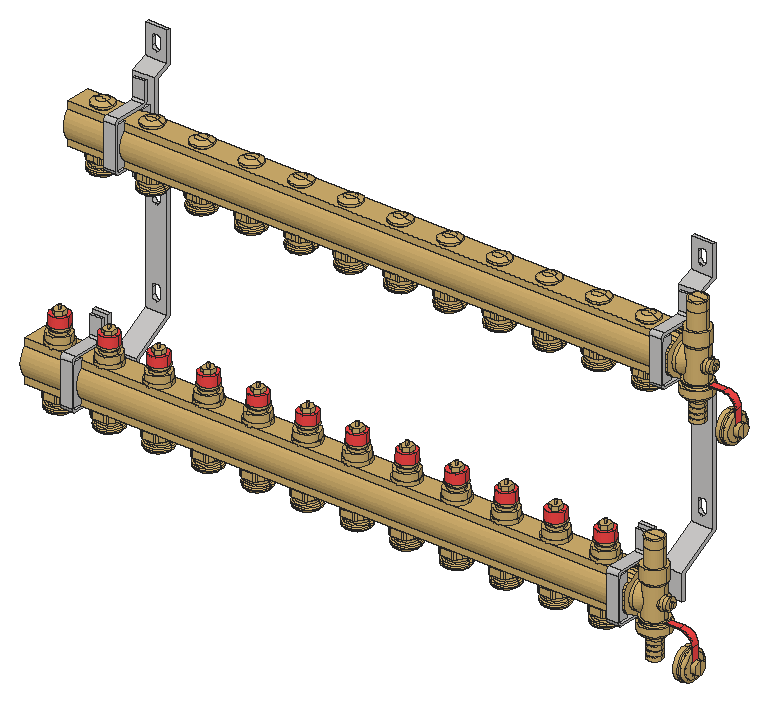
Revit family "Manifold FHF_2-12_RFA", category Pipe Accessories, Revit 2019
Family settings
  Round Connector Dimension = Use Diameter
  Part Type = Normal
  OmniClass Number = 23.65.55.14.17
  OmniClass Title = Adjusting/Controlling Valves for Liquid Services
  Work Plane-Based = No
  Always vertical = Yes
  Cut with Voids When Loaded = No
  Shared = No
Parameters (values of type "Manifold FHF_12+12_088U0512")
  z [instance] = Offset Z + 1000 mm  # 1213 mm
  y [instance] = Offset Y + 500 mm  # 523 mm
  x [instance] = Offset X + 1000 mm  # 1025 mm
  Offset Z [instance] = 213 mm
  Offset Y [instance] = 23 mm
  W [instance] = 36 mm  # constant formula
  Valve Body Material = Danfoss Brass
  URL = "https://store.danfoss.com/en/Climate-Solutions-for-heating/Hydronic-floor-heating/Manifolds/c/4213?q=%3Arelevance%3Adanfoss_producttypehierarchydesc%3A7f65507e43627847eb51ca38d15da15d785c2e15&text="
  Pressure Drop [instance] = 0.0 Pa
  Offset X [instance] = 25 mm
  Number of Circuits = 12
  Model Type = "Manifold FHF_12+12"
  Model = "088U0512"
  Max Working Temperature = "90 °C"  # constant formula
  Max Operating Pressure = "10 bar"  # constant formula
  Max Differential Pressure = "0.6 bar"  # constant formula
  Manufacturer = "Danfoss"  # constant formula
  Manual airvent [instance] = not(Automatic airvent)  # yes
  Length = L1 - 11 mm  # 600 mm
  LOD 350 = not(LOD 200)  # yes
  LOD 200 = no
  L1 = 611 mm
  L bracket = Number of Circuits * 50 mm - 50 mm  # 550 mm
  L = Length + 70 mm  # 670 mm
  IfcExportType = "FHF"  # constant formula
  IfcExportAs = "IfcValveType"  # constant formula
  H2 = 38 mm  # constant formula
  H1 = 26.8 mm  # constant formula
  H [instance] = z - 1000 mm + H2 + H1  # 277.8 mm
  Flow 9 [instance] = 0.0 m³/h
  Flow 8 [instance] = 0.0 m³/h
  Flow 7 [instance] = 0.0 m³/h
  Flow 6 [instance] = 0.0 m³/h
  Flow 5 [instance] = 0.0 m³/h
  Flow 4 [instance] = 0.0 m³/h
  Flow 3 [instance] = 0.0 m³/h
  Flow 2 [instance] = 0.0 m³/h
  Flow 12 [instance] = 0.0 m³/h
  Flow 11 [instance] = 0.0 m³/h
  Flow 10 [instance] = 0.0 m³/h
  Flow 1 [instance] = 0.0 m³/h
  Flow [instance] = Flow 1 + Flow 2 + Flow 3 + Flow 4 + Flow 5 + Flow 6 + Flow 7 + Flow 8 + Flow 9 + Flow 10 + Flow 11 + Flow 12  # 0.0 m³/h
  End piece [instance] = if(Automatic airvent, [088U0785], [088U0786])  # _FHF-EA_EM : FHF-EM_088U0786
  Description = "Brass Manifold"  # constant formula
  D = 25 mm  # constant formula
  Automatic airvent [instance] = no
  Add bracket [instance] = yes
  088U0785 = _FHF-EA_EM : FHF-EA_088U0785
  088U0786 = _FHF-EA_EM : FHF-EM_088U0786
Reference planes
  plane 1 "Center (Front/Back)": y = 0
  plane 2: z = 0
  plane 3 "Center (Left/Right)": x = 0
  plane 4 "tube2": through (-27.999, -48.497, 1200) normal (0.9272, -0.3746, 0)
  plane 5: x = 600
  plane 6: z = -213
  plane 7: x = -25
  plane 8: x = 611
  plane 9: x = 25
  plane 10 "bottom manifold": y = -23
  plane 11: x = 575
  plane 12: x = 586
  plane 13: x = 0
  plane 14: x = 670.5
  plane 15 "H1": z = 26.8
  plane 16: z = -251
  plane 17: x = 670
  plane 18: z = -251
  plane 19: y = -18
  plane 20: y = 18
  plane 21: z = -268
  plane 22: x = 1000
  plane 23: z = 1000
  plane 24: y = 500
Forms (mm)
  Sweep 1, solid, material "Danfoss Brass" <- "Valve Body Material", visible <- "LOD 350", detail levels fine
    path origin (0, 0, 0) x (1, 0, 0) y (0, 0, 1)
      loop
        line (0, 0) -> (600, 0)
    profile origin (300, 0, 0) x (0, 0, 1) y (0, -1, 0)
      loop
        arc (-13.388, -12.476) -> (0, -18.3) -> (13.388, -12.476) r 18.3
        line (13.388, -12.476) -> (20.5, -12.476) -> (20.5, 12.476) -> (13.388, 12.476)
        arc (13.388, 12.476) -> (0, 18.3) -> (-13.388, 12.476) r 18.3
        line (-13.388, 12.476) -> (-20.5, 12.476) -> (-20.5, -12.476) -> (-13.388, -12.476)
  Sweep 2, solid, material "Danfoss Brass" <- "Valve Body Material", visible <- "LOD 350", detail levels fine
    path origin (-50, -23, 0) x (0, 0, 1) y (-1, 0, 0)
      loop
        line (-213, -25) -> (-213, -625)
    profile origin (275, -23, -213) x (0, 0, 1) y (0, -1, 0)
      loop
        arc (-13.388, -12.476) -> (0, -18.3) -> (13.388, -12.476) r 18.3
        line (13.388, -12.476) -> (20.5, -12.476) -> (20.5, 12.476) -> (13.388, 12.476)
        arc (13.388, 12.476) -> (0, 18.3) -> (-13.388, 12.476) r 18.3
        line (-13.388, 12.476) -> (-20.5, 12.476) -> (-20.5, -12.476) -> (-13.388, -12.476)
  Sweep 3, solid, material "Danfoss Brass" <- "Valve Body Material", visible <- "LOD 200", detail levels fine
    path origin (0, 0, 0) x (1, 0, 0) y (0, 0, 1)
      loop
        line (0, 0) -> (600, 0)
    profile origin (300, 0, 0) x (0, 0, 1) y (0, -1, 0)
      loop
        line (-20.5, -18.3) -> (20.5, -18.3) -> (20.5, 18.3) -> (-20.5, 18.3) -> (-20.5, -18.3)
  Sweep 4, solid, material "Danfoss Brass" <- "Valve Body Material", visible <- "LOD 200", detail levels fine
    path origin (-50, -23, 0) x (0, 0, 1) y (-1, 0, 0)
      loop
        line (-213, -25) -> (-213, -625)
    profile origin (275, -23, -213) x (0, 0, 1) y (0, -1, 0)
      loop
        line (-20.5, -18.3) -> (20.5, -18.3) -> (20.5, 18.3) -> (-20.5, 18.3) -> (-20.5, -18.3)
Dimensions and locks
  "L1": plane 8 to plane 3 "Center (Left/Right)"
  locked: plane 8 to plane 5 at 11
  locked: plane 9 to plane 3 "Center (Left/Right)" at 25
  equal spacing: group 1, group 2, group 5, group 7, group 8, group 11, group 12, group 13, group 14, group 15, group 16, group 23  (x3)
  locked: plane 12 to plane 11 at 11
  "L1": plane 12 to plane 7
  locked: plane 13 to plane 7 at 25
  locked: plane 14 to plane 5 at 70.5
  "H1": plane 15 "H1" to level
  "H2": plane 6 to plane 16
  "L": plane 17 to plane 3 "Center (Left/Right)"
  equal spacing: plane 19, plane 1 "Center (Front/Back)", plane 20
  "W": plane 19 to plane 20
  equal spacing: group 3, group 4, group 6, group 9, group 10, group 17, group 18, group 19, group 20, group 21, group 22, group 24  (x3)
  locked: nested 6 to nested 3 at 50
  locked: plane 5 to nested 5 at 10
  locked: plane 11 to nested 4 at 10
  "x": plane 22 to plane 7
  "z": plane 23 to plane 6
  "y": plane 10 "bottom manifold" to plane 24
  aligned and locked: level to plane 2
  aligned and locked: plane 9 to nested 1
  aligned and locked: level to nested 1
  aligned and locked: plane 5 to Sweep 1 sketch curve
  aligned and locked: Sweep 1 sketch curve to level
  aligned and locked: plane 3 "Center (Left/Right)" to Sweep 1 sketch curve
  aligned and locked: level to nested 2
  aligned and locked: plane 10 "bottom manifold" to nested 3
  aligned and locked: plane 10 "bottom manifold" to nested 4
  aligned and locked: plane 1 "Center (Front/Back)" to nested 5
  aligned and locked: plane 6 to nested 4
  aligned and locked: level to nested 5
  aligned and locked: plane 6 to nested 3
  aligned and locked: plane 13 to nested 3
  aligned and locked: plane 6 to nested 6
  aligned and locked: plane 10 "bottom manifold" to nested 6
Automatic sketch dimensions
  Sweep 1 sketch curve to Sweep 1 sketch curve = 0 mm  (x2)
  Sweep 1 sketch curve to profile plane = 0 mm
  profile plane to Sweep 1 sketch curve = 13.388 mm  (x2)
  Sweep 1 sketch curve to Sweep 1 sketch curve = 7.112 mm  (x2)
  Sweep 1 sketch curve to profile plane = 13.388 mm  (x2)
  Sweep 1 sketch curve to profile plane = 12.476 mm
  Sweep 1 sketch curve to Sweep 1 sketch curve = 12.476 mm  (x2)
  Sweep 2 sketch curve to plane 6 = 0 mm
  Sweep 2 sketch curve to plane 11 = 0 mm
  Sweep 2 sketch curve to plane 7 = 0 mm
  Sweep 2 sketch curve to Sweep 2 sketch curve = 0 mm  (x2)
  plane 10 "bottom manifold" to Sweep 2 sketch curve = 12.476 mm
  profile plane to Sweep 2 sketch curve = 20.5 mm
  Sweep 2 sketch curve to Sweep 2 sketch curve = 7.112 mm  (x3)
  Sweep 2 sketch curve to Sweep 2 sketch curve = 13.388 mm  (x3)
  Sweep 2 sketch curve to Sweep 2 sketch curve = 12.476 mm  (x2)
  Sweep 3 sketch curve to level = 0 mm
  Sweep 3 sketch curve to plane 3 "Center (Left/Right)" = 0 mm
  Sweep 3 sketch curve to plane 5 = 0 mm
  profile plane to Sweep 3 sketch curve = 20.5 mm
  Sweep 3 sketch curve to profile plane = 20.5 mm
  Sweep 3 sketch curve to plane 1 "Center (Front/Back)" = 18.3 mm
  plane 1 "Center (Front/Back)" to Sweep 3 sketch curve = 18.3 mm
  Sweep 4 sketch curve to plane 6 = 0 mm
  Sweep 4 sketch curve to plane 11 = 0 mm
  Sweep 4 sketch curve to plane 7 = 0 mm
  profile plane to Sweep 4 sketch curve = 20.5 mm
  Sweep 4 sketch curve to profile plane = 20.5 mm
  Sweep 4 sketch curve to plane 10 "bottom manifold" = 18.3 mm
  plane 10 "bottom manifold" to Sweep 4 sketch curve = 18.3 mm
Nested families
  nested 1: "Shut-off valve_RFA" at (25, 0, 0), LOD 200 <- "LOD 200", type "Shut-off valve", detail levels fine
    with LOD 350 yes, LOD 200 no
  nested 2: "Shut-off valve_RFA" at (75, 0, 0), LOD 200 <- "LOD 200", type "Shut-off valve", detail levels fine
    with LOD 350 yes, LOD 200 no
  nested 3: "Thermostatic valve_RFA" at (0, -23, -213), LOD 200 <- "LOD 200", type "Thermostatic valve", detail levels fine
    with LOD 350 yes, LOD 200 no
  nested 4: "_FHF-EA_EM" at (565, -23, -213), type <- "End piece", LOD 200 <- "LOD 200", type "FHF-EM_088U0786", detail levels fine
    with LOD 350 yes, LOD 200 no, FHF-EM350 yes, FHF-EM200 no, FHF-EA350 no, FHF-EA200 no
  nested 5: "_FHF-EA_EM" at (590, 0, 0), type <- "End piece", LOD 200 <- "LOD 200", type "FHF-EM_088U0786", detail levels fine
    with LOD 350 yes, LOD 200 no, FHF-EM350 yes, FHF-EM200 no, FHF-EA350 no, FHF-EA200 no
  nested 6: "Thermostatic valve_RFA" at (50, -23, -213), LOD 200 <- "LOD 200", type "Thermostatic valve", detail levels fine
    with LOD 350 yes, LOD 200 no
  nested 7: "Shut-off valve_RFA" at (125, 0, 0), LOD 200 <- "LOD 200", type "Shut-off valve", detail levels fine
    with LOD 350 yes, LOD 200 no
  nested 8: "Thermostatic valve_RFA" at (100, -23, -213), LOD 200 <- "LOD 200", type "Thermostatic valve", detail levels fine
    with LOD 350 yes, LOD 200 no
  nested 9: "Shut-off valve_RFA" at (175, 0, 0), LOD 200 <- "LOD 200", type "Shut-off valve", detail levels fine
    with LOD 350 yes, LOD 200 no
  nested 10: "Shut-off valve_RFA" at (225, 0, 0), LOD 200 <- "LOD 200", type "Shut-off valve", detail levels fine
    with LOD 350 yes, LOD 200 no
  nested 11: "Thermostatic valve_RFA" at (150, -23, -213), LOD 200 <- "LOD 200", type "Thermostatic valve", detail levels fine
    with LOD 350 yes, LOD 200 no
  nested 12: "Thermostatic valve_RFA" at (200, -23, -213), LOD 200 <- "LOD 200", type "Thermostatic valve", detail levels fine
    with LOD 350 yes, LOD 200 no
  nested 13: "Shut-off valve_RFA" at (275, 0, 0), LOD 200 <- "LOD 200", type "Shut-off valve", detail levels fine
    with LOD 350 yes, LOD 200 no
  nested 14: "Shut-off valve_RFA" at (325, 0, 0), LOD 200 <- "LOD 200", type "Shut-off valve", detail levels fine
    with LOD 350 yes, LOD 200 no
  nested 15: "Shut-off valve_RFA" at (375, 0, 0), LOD 200 <- "LOD 200", type "Shut-off valve", detail levels fine
    with LOD 350 yes, LOD 200 no
  nested 16: "Shut-off valve_RFA" at (425, 0, 0), LOD 200 <- "LOD 200", type "Shut-off valve", detail levels fine
    with LOD 350 yes, LOD 200 no
  nested 17: "Shut-off valve_RFA" at (475, 0, 0), LOD 200 <- "LOD 200", type "Shut-off valve", detail levels fine
    with LOD 350 yes, LOD 200 no
  nested 18: "Shut-off valve_RFA" at (525, 0, 0), LOD 200 <- "LOD 200", type "Shut-off valve", detail levels fine
    with LOD 350 yes, LOD 200 no
  nested 19: "Thermostatic valve_RFA" at (250, -23, -213), LOD 200 <- "LOD 200", type "Thermostatic valve", detail levels fine
    with LOD 350 yes, LOD 200 no
  nested 20: "Thermostatic valve_RFA" at (300, -23, -213), LOD 200 <- "LOD 200", type "Thermostatic valve", detail levels fine
    with LOD 350 yes, LOD 200 no
  nested 21: "Thermostatic valve_RFA" at (350, -23, -213), LOD 200 <- "LOD 200", type "Thermostatic valve", detail levels fine
    with LOD 350 yes, LOD 200 no
  nested 22: "Thermostatic valve_RFA" at (400, -23, -213), LOD 200 <- "LOD 200", type "Thermostatic valve", detail levels fine
    with LOD 350 yes, LOD 200 no
  nested 23: "Thermostatic valve_RFA" at (450, -23, -213), LOD 200 <- "LOD 200", type "Thermostatic valve", detail levels fine
    with LOD 350 yes, LOD 200 no
  nested 24: "Thermostatic valve_RFA" at (500, -23, -213), LOD 200 <- "LOD 200", type "Thermostatic valve", detail levels fine
    with LOD 350 yes, LOD 200 no
  nested 25: "_FHF-MB_RFA" at (41.303, 0, 0), LOD 200 <- "LOD 200", visible <- "Add bracket", L <- "L bracket", type "FHF-MB_088U0585", detail levels fine
    with LOD 350 yes, LOD 200 no, L 550 mm
  nested 26: "Shut-off valve_RFA" at (575, 0, 0), LOD 200 <- "LOD 200", type "Shut-off valve", detail levels fine
    with LOD 350 yes, LOD 200 no
  nested 27: "Thermostatic valve_RFA" at (550, -23, -213), LOD 200 <- "LOD 200", type "Thermostatic valve", detail levels fine
    with LOD 350 yes, LOD 200 no
  nested 28: "FHF Symbol" at (0, 0, 0), Number of Circuits <- "Number of Circuits", Offset X <- "Offset X", Offset Y <- "Offset Y", Offset Z <- "Offset Z", length <- "Length", type "FHF Symbol", detail levels coarse+medium
    with z 1213 mm, y 523 mm, x 1025 mm, length 600 mm, Offset Z 213 mm, Offset Y 23 mm, Offset X 25 mm, Number of Circuits 12, L 650 mm
Connectors
  piping at (0, 0, 0), diameter 25, driven by "D", driven by "Flow"
    settings: on Sweep 1, index 35, connector inside diameter 609.6 mm, connector length 0 mm, flow factor 0, pipe flow 0.0 m³/h, pressure drop 0.0 Pa, fitting loss kfactor 0, connector angle 0.00°, fixture units 0, engagement length 0 mm, angle of deflection 0.00°, flow configuration 1, flow direction 1, fitting loss method 0, system type 7, joint type 0, gender type 0, connector reference index -1, connector utility 0, adjustable connector no, is connector primary yes, connector description "SupplyMain"
  piping at (-25, -23, -213), diameter 25, driven by "D", driven by "Flow"
    settings: on Sweep 2, index 59, connector inside diameter 609.6 mm, connector length 0 mm, flow factor 0, pipe flow 0.0 m³/h, pressure drop 0.0 Pa, fitting loss kfactor 0, connector angle 0.00°, fixture units 0, engagement length 0 mm, angle of deflection 0.00°, flow configuration 1, flow direction 2, fitting loss method 0, system type 8, joint type 0, gender type 0, connector reference index -1, connector utility 0, adjustable connector no, is connector primary no, connector description "ReturnMain"
  piping at (25, 0, -38), diameter 20, driven by "Flow 1"
    settings: on nested 1, index 60, connector inside diameter 609.6 mm, connector length 0 mm, flow factor 0, pipe flow 0.0 m³/h, pressure drop 0.0 Pa, fitting loss kfactor 0, connector angle 0.00°, fixture units 0, engagement length 0 mm, angle of deflection 0.00°, flow configuration 0, flow direction 2, fitting loss method 0, system type 7, joint type 0, gender type 0, connector reference index -1, connector utility 0, adjustable connector no, is connector primary no, connector description "Supply1"
  piping at (75, 0, -38), diameter 20, driven by "Flow 2"
    settings: on nested 2, index 61, connector inside diameter 609.6 mm, connector length 0 mm, flow factor 0, pipe flow 0.0 m³/h, pressure drop 0.0 Pa, fitting loss kfactor 0, connector angle 0.00°, fixture units 0, engagement length 0 mm, angle of deflection 0.00°, flow configuration 0, flow direction 2, fitting loss method 0, system type 7, joint type 0, gender type 0, connector reference index -1, connector utility 0, adjustable connector no, is connector primary no, connector description "Supply2"
  piping at (125, 0, -38), diameter 20, driven by "Flow 3"
    settings: on nested 7, index 62, connector inside diameter 609.6 mm, connector length 0 mm, flow factor 0, pipe flow 0.0 m³/h, pressure drop 0.0 Pa, fitting loss kfactor 0, connector angle 0.00°, fixture units 0, engagement length 0 mm, angle of deflection 0.00°, flow configuration 0, flow direction 2, fitting loss method 0, system type 7, joint type 0, gender type 0, connector reference index -1, connector utility 0, adjustable connector no, is connector primary no, connector description "Supply3"
  piping at (175, 0, -38), diameter 20, driven by "Flow 4"
    settings: on nested 9, index 63, connector inside diameter 609.6 mm, connector length 0 mm, flow factor 0, pipe flow 0.0 m³/h, pressure drop 0.0 Pa, fitting loss kfactor 0, connector angle 0.00°, fixture units 0, engagement length 0 mm, angle of deflection 0.00°, flow configuration 0, flow direction 2, fitting loss method 0, system type 7, joint type 0, gender type 0, connector reference index -1, connector utility 0, adjustable connector no, is connector primary no, connector description "Supply4"
  piping at (225, 0, -38), diameter 20, driven by "Flow 5"
    settings: on nested 10, index 64, connector inside diameter 609.6 mm, connector length 0 mm, flow factor 0, pipe flow 0.0 m³/h, pressure drop 0.0 Pa, fitting loss kfactor 0, connector angle 0.00°, fixture units 0, engagement length 0 mm, angle of deflection 0.00°, flow configuration 0, flow direction 2, fitting loss method 0, system type 7, joint type 0, gender type 0, connector reference index -1, connector utility 0, adjustable connector no, is connector primary no, connector description "Supply5"
  piping at (275, 0, -38), diameter 20, driven by "Flow 6"
    settings: on nested 13, index 65, connector inside diameter 609.6 mm, connector length 0 mm, flow factor 0, pipe flow 0.0 m³/h, pressure drop 0.0 Pa, fitting loss kfactor 0, connector angle 0.00°, fixture units 0, engagement length 0 mm, angle of deflection 0.00°, flow configuration 0, flow direction 2, fitting loss method 0, system type 7, joint type 0, gender type 0, connector reference index -1, connector utility 0, adjustable connector no, is connector primary no, connector description "Supply6"
  piping at (325, 0, -38), diameter 20, driven by "Flow 7"
    settings: on nested 14, index 66, connector inside diameter 609.6 mm, connector length 0 mm, flow factor 0, pipe flow 0.0 m³/h, pressure drop 0.0 Pa, fitting loss kfactor 0, connector angle 0.00°, fixture units 0, engagement length 0 mm, angle of deflection 0.00°, flow configuration 0, flow direction 2, fitting loss method 0, system type 7, joint type 0, gender type 0, connector reference index -1, connector utility 0, adjustable connector no, is connector primary no, connector description "Supply7"
  piping at (375, 0, -38), diameter 20, driven by "Flow 8"
    settings: on nested 15, index 67, connector inside diameter 609.6 mm, connector length 0 mm, flow factor 0, pipe flow 0.0 m³/h, pressure drop 0.0 Pa, fitting loss kfactor 0, connector angle 0.00°, fixture units 0, engagement length 0 mm, angle of deflection 0.00°, flow configuration 0, flow direction 2, fitting loss method 0, system type 7, joint type 0, gender type 0, connector reference index -1, connector utility 0, adjustable connector no, is connector primary no, connector description "Supply8"
  piping at (425, 0, -38), diameter 20, driven by "Flow 9"
    settings: on nested 16, index 69, connector inside diameter 609.6 mm, connector length 0 mm, flow factor 0, pipe flow 0.0 m³/h, pressure drop 0.0 Pa, fitting loss kfactor 0, connector angle 0.00°, fixture units 0, engagement length 0 mm, angle of deflection 0.00°, flow configuration 0, flow direction 2, fitting loss method 0, system type 7, joint type 0, gender type 0, connector reference index -1, connector utility 0, adjustable connector no, is connector primary no, connector description "Supply9"
  piping at (475, 0, -38), diameter 20, driven by "Flow 10"
    settings: on nested 17, index 70, connector inside diameter 609.6 mm, connector length 0 mm, flow factor 0, pipe flow 0.0 m³/h, pressure drop 0.0 Pa, fitting loss kfactor 0, connector angle 0.00°, fixture units 0, engagement length 0 mm, angle of deflection 0.00°, flow configuration 0, flow direction 2, fitting loss method 0, system type 7, joint type 0, gender type 0, connector reference index -1, connector utility 0, adjustable connector no, is connector primary no, connector description "Supply10"
  piping at (525, 0, -38), diameter 20, driven by "Flow 11"
    settings: on nested 18, index 71, connector inside diameter 609.6 mm, connector length 0 mm, flow factor 0, pipe flow 0.0 m³/h, pressure drop 0.0 Pa, fitting loss kfactor 0, connector angle 0.00°, fixture units 0, engagement length 0 mm, angle of deflection 0.00°, flow configuration 0, flow direction 2, fitting loss method 0, system type 7, joint type 0, gender type 0, connector reference index -1, connector utility 0, adjustable connector no, is connector primary no, connector description "Supply11"
  piping at (0, -23, -251.5), diameter 20, driven by "Flow 1"
    settings: on nested 3, index 73, connector inside diameter 609.6 mm, connector length 0 mm, flow factor 0, pipe flow 0.0 m³/h, pressure drop 0.0 Pa, fitting loss kfactor 0, connector angle 0.00°, fixture units 0, engagement length 0 mm, angle of deflection 0.00°, flow configuration 0, flow direction 1, fitting loss method 0, system type 8, joint type 0, gender type 0, connector reference index -1, connector utility 0, adjustable connector no, is connector primary no, connector description "Return1"
  piping at (50, -23, -251.5), diameter 20, driven by "Flow 2"
    settings: on nested 6, index 74, connector inside diameter 609.6 mm, connector length 0 mm, flow factor 0, pipe flow 0.0 m³/h, pressure drop 0.0 Pa, fitting loss kfactor 0, connector angle 0.00°, fixture units 0, engagement length 0 mm, angle of deflection 0.00°, flow configuration 0, flow direction 1, fitting loss method 0, system type 8, joint type 0, gender type 0, connector reference index -1, connector utility 0, adjustable connector no, is connector primary no, connector description "Return2"
  piping at (100, -23, -251.5), diameter 20, driven by "Flow 3"
    settings: on nested 8, index 75, connector inside diameter 609.6 mm, connector length 0 mm, flow factor 0, pipe flow 0.0 m³/h, pressure drop 0.0 Pa, fitting loss kfactor 0, connector angle 0.00°, fixture units 0, engagement length 0 mm, angle of deflection 0.00°, flow configuration 0, flow direction 1, fitting loss method 0, system type 8, joint type 0, gender type 0, connector reference index -1, connector utility 0, adjustable connector no, is connector primary no, connector description "Return3"
  piping at (150, -23, -251.5), diameter 20, driven by "Flow 4"
    settings: on nested 11, index 76, connector inside diameter 609.6 mm, connector length 0 mm, flow factor 0, pipe flow 0.0 m³/h, pressure drop 0.0 Pa, fitting loss kfactor 0, connector angle 0.00°, fixture units 0, engagement length 0 mm, angle of deflection 0.00°, flow configuration 0, flow direction 1, fitting loss method 0, system type 8, joint type 0, gender type 0, connector reference index -1, connector utility 0, adjustable connector no, is connector primary no, connector description "Return4"
  piping at (200, -23, -251.5), diameter 20, driven by "Flow 5"
    settings: on nested 12, index 77, connector inside diameter 609.6 mm, connector length 0 mm, flow factor 0, pipe flow 0.0 m³/h, pressure drop 0.0 Pa, fitting loss kfactor 0, connector angle 0.00°, fixture units 0, engagement length 0 mm, angle of deflection 0.00°, flow configuration 0, flow direction 1, fitting loss method 0, system type 8, joint type 0, gender type 0, connector reference index -1, connector utility 0, adjustable connector no, is connector primary no, connector description "Return5"
  piping at (250, -23, -251.5), diameter 20, driven by "Flow 6"
    settings: on nested 19, index 78, connector inside diameter 609.6 mm, connector length 0 mm, flow factor 0, pipe flow 0.0 m³/h, pressure drop 0.0 Pa, fitting loss kfactor 0, connector angle 0.00°, fixture units 0, engagement length 0 mm, angle of deflection 0.00°, flow configuration 0, flow direction 1, fitting loss method 0, system type 8, joint type 0, gender type 0, connector reference index -1, connector utility 0, adjustable connector no, is connector primary no, connector description "Return6"
  piping at (300, -23, -251.5), diameter 20, driven by "Flow 7"
    settings: on nested 20, index 79, connector inside diameter 609.6 mm, connector length 0 mm, flow factor 0, pipe flow 0.0 m³/h, pressure drop 0.0 Pa, fitting loss kfactor 0, connector angle 0.00°, fixture units 0, engagement length 0 mm, angle of deflection 0.00°, flow configuration 0, flow direction 1, fitting loss method 0, system type 8, joint type 0, gender type 0, connector reference index -1, connector utility 0, adjustable connector no, is connector primary no, connector description "Return7"
  piping at (350, -23, -251.5), diameter 20, driven by "Flow 8"
    settings: on nested 21, index 80, connector inside diameter 609.6 mm, connector length 0 mm, flow factor 0, pipe flow 0.0 m³/h, pressure drop 0.0 Pa, fitting loss kfactor 0, connector angle 0.00°, fixture units 0, engagement length 0 mm, angle of deflection 0.00°, flow configuration 0, flow direction 1, fitting loss method 0, system type 8, joint type 0, gender type 0, connector reference index -1, connector utility 0, adjustable connector no, is connector primary no, connector description "Return8"
  piping at (400, -23, -251.5), diameter 20, driven by "Flow 9"
    settings: on nested 22, index 81, connector inside diameter 609.6 mm, connector length 0 mm, flow factor 0, pipe flow 0.0 m³/h, pressure drop 0.0 Pa, fitting loss kfactor 0, connector angle 0.00°, fixture units 0, engagement length 0 mm, angle of deflection 0.00°, flow configuration 0, flow direction 1, fitting loss method 0, system type 8, joint type 0, gender type 0, connector reference index -1, connector utility 0, adjustable connector no, is connector primary no, connector description "Return9"
  piping at (450, -23, -251.5), diameter 20, driven by "Flow 10"
    settings: on nested 23, index 82, connector inside diameter 609.6 mm, connector length 0 mm, flow factor 0, pipe flow 0.0 m³/h, pressure drop 0.0 Pa, fitting loss kfactor 0, connector angle 0.00°, fixture units 0, engagement length 0 mm, angle of deflection 0.00°, flow configuration 0, flow direction 1, fitting loss method 0, system type 8, joint type 0, gender type 0, connector reference index -1, connector utility 0, adjustable connector no, is connector primary no, connector description "Return10"
  piping at (500, -23, -251.5), diameter 20, driven by "Flow 11"
    settings: on nested 24, index 83, connector inside diameter 609.6 mm, connector length 0 mm, flow factor 0, pipe flow 0.0 m³/h, pressure drop 0.0 Pa, fitting loss kfactor 0, connector angle 0.00°, fixture units 0, engagement length 0 mm, angle of deflection 0.00°, flow configuration 0, flow direction 1, fitting loss method 0, system type 8, joint type 0, gender type 0, connector reference index -1, connector utility 0, adjustable connector no, is connector primary no, connector description "Return11"
  piping at (575, 0, -38), diameter 20, driven by "Flow 12"
    settings: on nested 26, index 84, connector inside diameter 609.6 mm, connector length 0 mm, flow factor 0, pipe flow 0.0 m³/h, pressure drop 0.0 Pa, fitting loss kfactor 0, connector angle 0.00°, fixture units 0, engagement length 0 mm, angle of deflection 0.00°, flow configuration 0, flow direction 2, fitting loss method 0, system type 7, joint type 0, gender type 0, connector reference index -1, connector utility 0, adjustable connector no, is connector primary no, connector description "Supply12"
  piping at (550, -23, -251.5), diameter 20, driven by "Flow 12"
    settings: on nested 27, index 85, connector inside diameter 609.6 mm, connector length 0 mm, flow factor 0, pipe flow 0.0 m³/h, pressure drop 0.0 Pa, fitting loss kfactor 0, connector angle 0.00°, fixture units 0, engagement length 0 mm, angle of deflection 0.00°, flow configuration 0, flow direction 1, fitting loss method 0, system type 7, joint type 0, gender type 0, connector reference index -1, connector utility 0, adjustable connector no, is connector primary no, connector description "Return12"
Definition of nested family "Shut-off valve_RFA"
  Parameters (values of type "Shut-off valve")
    W = 26 mm
    Valve Body Material = none
    LOD 350 [instance] = not(LOD 200)  # no
    LOD 200 [instance] = yes
    L = 28.004 mm
    IfcExportType = "SSM, FHF"  # constant formula
    IfcExportAs = "IfcValveType"  # constant formula
    H = 64.778 mm
  Reference planes
    plane 1 "Center (Front/Back)": y = 0
    plane 2: z = 0
    plane 3 "Center (Left/Right)": x = 0
    plane 4: z = 26.778
    plane 5: z = -38
    plane 6: x = -14.002
    plane 7: x = 14.002
    plane 8: y = -13
    plane 9: y = 13
  Forms (mm)
    Revolve 1, solid, material <- "Valve Body Material", visible <- "LOD 350"
      sketch origin (0, 0, 0) x (1, 0, 0) y (0, 0, 1)
        loop
          line (-5.493, 25.92) -> (-10.502, 23.407) -> (-10.502, 21.897) -> (-8.588, 21.201) -> (-8.588, 20.277) -> (-0.002, 20.277) -> (-0.002, 26.778) -> (-5.493, 25.92)
        axis (-0.002, 26.778) -> (-0.002, 20.277)
      angle from 0 to 360
    Revolve 2, solid, material <- "Valve Body Material", visible <- "LOD 350"
      sketch origin (0, 0, 0) x (1, 0, 0) y (0, 0, 1)
        loop
          line (-11.441, -26.439) -> (-11.002, -27.5) -> (-11.002, -30.852) -> (-11.844, -32.311) -> (-13.369, -33.169) -> (-11.682, -34.1) -> (-13.394, -34.965) -> (-11.771, -35.861) -> (-13.103, -36.619) -> (-11.722, -38) -> (0, -38) -> (0, -26) -> (-12.502, -26) -> (-11.441, -26.439)
        axis (0, -26) -> (0, -38)
      angle from 0 to 360
    Extrusion 3, solid, material <- "Valve Body Material", visible <- "LOD 350"
      sketch origin (0, 0, 0) x (1, 0, 0) y (0, 1, 0)
        loop
          line (-7.002, -12.124) -> (-5.249, -13) -> (-0.1, -13) -> (5.245, -13) -> (6.998, -12.124) -> (8.409, -11.192) -> (11.192, -8.409) -> (12.124, -6.998) -> (13, -5.245) -> (13, 0.1) -> (13, 5.249) -> (12.124, 7.002) -> (11.2, 8.401) -> (8.409, 11.192) -> (6.998, 12.124) -> (5.245, 13) -> (-0.1, 13) -> (-5.249, 13) -> (-7.002, 12.124) -> (-8.413, 11.192) -> (-11.192, 8.413) -> (-12.124, 7.002) -> (-13, 5.249) -> (-13, 0.1) -> (-13, -5.245) -> (-12.124, -6.998) -> (-11.184, -8.421) -> (-8.413, -11.192) -> (-7.002, -12.124)
      from -26 to -20
    Revolve 4, solid, material <- "Valve Body Material", visible <- "LOD 200"
      sketch origin (0, 0, 0) x (1, 0, 0) y (0, 0, 1)
        loop
          line (0, 26.778) -> (0, 20.277) -> (10.539, 20.277) -> (10.539, 23.448)
          arc (10.539, 23.448) -> (5.521, 25.909) -> (0, 26.778) r 18.698
        axis (0, 26.778) -> (0, 20.277)
      angle from 0 to 360
    Revolve 5, solid, material <- "Valve Body Material", visible <- "LOD 200"
      sketch origin (0, 0, 0) x (1, 0, 0) y (0, 0, 1)
        loop
          line (-0.1, -38) -> (-0.1, -20) -> (-13, -20) -> (-13, -38) -> (-0.1, -38)
        axis (-0.1, -20) -> (-0.1, -38)
      angle from 0 to 360
  Dimensions and locks
    "H": plane 4 to plane 5
    equal spacing: plane 7, plane 3 "Center (Left/Right)", plane 6
    "L": plane 7 to plane 6
    equal spacing: plane 8, plane 1 "Center (Front/Back)", plane 9
    "W": plane 8 to plane 9
    aligned and locked: level to plane 2
  Automatic sketch dimensions
    plane 4 to Revolve 1 sketch curve = 3.371 mm
    Revolve 1 sketch curve to plane 3 "Center (Left/Right)" = 10.502 mm
    Revolve 1 sketch curve to Revolve 1 sketch curve = 1.914 mm
    plane 4 to Revolve 1 sketch curve = 0.858 mm
    Revolve 1 sketch curve to plane 3 "Center (Left/Right)" = 5.493 mm
    plane 4 to Revolve 1 sketch curve = 0 mm
    Revolve 1 sketch curve to plane 3 "Center (Left/Right)" = 0.002 mm
    Revolve 1 sketch curve to Revolve 1 sketch curve = 1.509 mm
    Revolve 1 sketch curve to Revolve 1 sketch curve = 0.697 mm
    Revolve 1 sketch curve to Revolve 1 sketch curve = 6.501 mm
    Revolve 1 sketch curve to Revolve 1 sketch curve = 0 mm  (x3)
    Revolve 2 sketch curve to plane 5 = 0 mm  (x2)
    Revolve 2 sketch curve to plane 3 "Center (Left/Right)" = 0 mm  (x2)
    Revolve 2 sketch curve to plane 3 "Center (Left/Right)" = 11.002 mm
    Revolve 2 sketch curve to Revolve 2 sketch curve = 0.439 mm  (x2)
    Revolve 2 sketch curve to plane 5 = 3.9 mm
    Revolve 2 sketch curve to Revolve 2 sketch curve = 0.68 mm
    Revolve 2 sketch curve to Revolve 2 sketch curve = 0.04 mm
    Revolve 2 sketch curve to plane 5 = 2.139 mm
    Revolve 2 sketch curve to Revolve 2 sketch curve = 0.089 mm
    Revolve 2 sketch curve to plane 5 = 5.689 mm
    Revolve 2 sketch curve to Revolve 2 sketch curve = 0.842 mm
    Revolve 2 sketch curve to Revolve 2 sketch curve = 1.061 mm  (x2)
    Revolve 2 sketch curve to plane 5 = 1.381 mm
    Revolve 2 sketch curve to Revolve 2 sketch curve = 1.332 mm
    Revolve 2 sketch curve to plane 5 = 4.831 mm
    Revolve 2 sketch curve to Revolve 2 sketch curve = 1.525 mm
    Revolve 2 sketch curve to plane 5 = 3.035 mm
    Revolve 2 sketch curve to Revolve 2 sketch curve = 0.291 mm
    Revolve 2 sketch curve to Revolve 2 sketch curve = 1.459 mm
    Revolve 2 sketch curve to Revolve 2 sketch curve = 3.352 mm
    Revolve 2 sketch curve to Revolve 2 sketch curve = 0 mm
    plane 1 "Center (Front/Back)" to Extrusion 3 sketch curve = 5.245 mm  (x2)
    Extrusion 3 sketch curve to plane 3 "Center (Left/Right)" = 13 mm
    Extrusion 3 sketch curve to Extrusion 3 sketch curve = 0.876 mm  (x5)
    Extrusion 3 sketch curve to Extrusion 3 sketch curve = 0.933 mm  (x6)
    Extrusion 3 sketch curve to Extrusion 3 sketch curve = 0.941 mm
    Extrusion 3 sketch curve to Extrusion 3 sketch curve = 2.779 mm  (x2)
    Extrusion 3 sketch curve to Extrusion 3 sketch curve = 2.771 mm  (x2)
    Extrusion 3 sketch curve to Extrusion 3 sketch curve = 1.411 mm  (x6)
    Extrusion 3 sketch curve to Extrusion 3 sketch curve = 1.753 mm  (x8)
    Extrusion 3 sketch curve to plane 3 "Center (Left/Right)" = 0.1 mm  (x2)
    plane 3 "Center (Left/Right)" to Extrusion 3 sketch curve = 5.245 mm  (x2)
    Extrusion 3 sketch curve to Extrusion 3 sketch curve = 2.783 mm  (x2)
    Extrusion 3 sketch curve to Extrusion 3 sketch curve = 2.791 mm  (x2)
    Extrusion 3 sketch curve to Extrusion 3 sketch curve = 0.925 mm
    Extrusion 3 sketch curve to plane 1 "Center (Front/Back)" = 0.1 mm  (x2)
    Extrusion 3 sketch curve to Extrusion 3 sketch curve = 1.423 mm
    Extrusion 3 sketch curve to Extrusion 3 sketch curve = 5.149 mm  (x2)
    Extrusion 3 sketch curve to Extrusion 3 sketch curve = 1.399 mm
    Revolve 4 sketch curve to plane 3 "Center (Left/Right)" = 0 mm  (x2)
    Revolve 4 sketch curve to plane 4 = 0 mm  (x2)
    Revolve 4 sketch curve to plane 3 "Center (Left/Right)" = 0.112 mm
    Revolve 4 sketch curve to plane 7 = 3.463 mm
    plane 4 to Revolve 4 sketch curve = 6.501 mm
    level to Revolve 4 sketch curve = 8.08 mm
    Revolve 4 sketch curve to Revolve 4 sketch curve = 0 mm
    Revolve 5 sketch curve to plane 5 = 0 mm  (x2)
    plane 6 to Revolve 5 sketch curve = 1.002 mm
    Revolve 5 sketch curve to plane 3 "Center (Left/Right)" = 0.1 mm
    Revolve 5 sketch curve to plane 5 = 18 mm
    Revolve 5 sketch curve to Revolve 5 sketch curve = 0 mm  (x2)
Definition of nested family "Thermostatic valve_RFA"
  Parameters (values of type "Thermostatic valve")
    W = 26 mm
    Valve Body Material = none
    Manufacturer = "Danfoss"  # constant formula
    LOD 350 [instance] = not(LOD 200)  # yes
    LOD 200 [instance] = no
    L = 28.004 mm
    IfcExportType = "SSM, FHF"  # constant formula
    IfcExportAs = "IfcValveType"  # constant formula
    H = 93 mm
  Reference planes
    plane 1 "Center (Front/Back)": y = 0
    plane 2: z = 0
    plane 3 "Center (Left/Right)": x = 0
    plane 4: z = -38.5
    plane 5: x = -14.002
    plane 6: x = 14.002
    plane 7: y = -13
    plane 8: y = 13
    plane 9: z = 54.5
  Forms (mm)
    Revolve 1, solid, material <- "Valve Body Material", visible <- "LOD 350"
      sketch origin (0, 0, 0) x (1, 0, 0) y (0, 0, 1)
        loop
          line (0, 20.003) -> (0, 36.9) -> (-9.946, 36.9) -> (-9.946, 35.076) -> (-8.2, 33.33) -> (-8.2, 30.4) -> (-11.484, 30.4) -> (-11.484, 23.8) -> (-12.598, 23.8) -> (-12.598, 20.003) -> (0, 20.003)
        axis (0, 36.9) -> (0, 20.003)
      angle from 0 to 360
    Revolve 2, solid, material <- "Valve Body Material", visible <- "LOD 350"
      sketch origin (0, 0, 0) x (1, 0, 0) y (0, 0, 1)
        loop
          line (-11.002, -31.352) -> (-11.844, -32.811) -> (-13.369, -33.669) -> (-11.682, -34.6) -> (-13.394, -35.465) -> (-11.771, -36.361) -> (-13.103, -37.119) -> (-11.722, -38.5) -> (0, -38.5) -> (0, -27.5) -> (-12.504, -27.5)
          arc (-12.504, -27.5) -> (-11.442, -27.94) -> (-11.002, -29.002) r 1.502
          line (-11.002, -29.002) -> (-11.002, -31.352)
        axis (0, -27.5) -> (0, -38.5)
      angle from 0 to 360
    Extrusion 3, solid, material <- "Valve Body Material", visible <- "LOD 350"
      sketch origin (0, 0, 0) x (1, 0, 0) y (0, 1, 0)
        loop
          line (7.252, -12.557) -> (9.021, -11.378) -> (11.812, -6.545) -> (14.193, -2.42) -> (14.193, 2.42) -> (11.812, 6.545) -> (9.021, 11.378) -> (7.252, 12.557) -> (5.579, 13.385) -> (-5.579, 13.385) -> (-7.252, 12.557) -> (-9.021, 11.378) -> (-11.812, 6.545) -> (-14.193, 2.42) -> (-14.193, -2.42) -> (-11.812, -6.545) -> (-9.021, -11.378) -> (-7.252, -12.557) -> (-5.579, -13.385) -> (5.579, -13.385) -> (7.252, -12.557)
      from -27.5 to -20.5
    Revolve 4, solid, material <- "Valve Body Material", visible <- "LOD 200"
      sketch origin (0, 0, 0) x (1, 0, 0) y (0, 0, 1)
        loop
          line (0, 20.277) -> (12.78, 20.277) -> (12.78, 36.9) -> (0, 36.9) -> (0, 20.277)
        axis (0, 36.9) -> (0, 20.277)
      angle from 0 to 360
    Revolve 5, solid, material <- "Valve Body Material", visible <- "LOD 200"
      sketch origin (0, 0, 0) x (1, 0, 0) y (0, 0, 1)
        loop
          line (-0.1, -38.5) -> (-0.1, -20.5) -> (-13, -20.5) -> (-13, -38.5) -> (-0.1, -38.5)
        axis (-0.1, -20.5) -> (-0.1, -38.5)
      angle from 0 to 360
    Revolve 6, solid, material <- "Valve Body Material", visible <- "LOD 350"
      sketch origin (0, 0, 0) x (1, 0, 0) y (0, 0, 1)
        loop
          line (0, 50.7) -> (0, 54.302) -> (-1.003, 54.302) -> (-1.003, 50.7) -> (0, 50.7)
        axis (0, 54.302) -> (0, 50.7)
      angle from 0 to 360
    Extrusion 7, solid, material <- "Valve Body Material", visible <- "LOD 350"
      sketch origin (0, 0, 0) x (1, 0, 0) y (0, 1, 0)
        loop
          line (5.002, 2.887) -> (0.002, 5.774) -> (-4.998, 2.887) -> (-4.998, -2.887) -> (0.002, -5.774) -> (5.002, -2.887) -> (5.002, 2.887)
      from 46.7 to 50.7
    Revolve 8, solid, visible <- "LOD 200"
      sketch origin (0, 0, 0) x (1, 0, 0) y (0, 0, 1)
        loop
          line (0, 36.9) -> (8.896, 36.9) -> (8.896, 46.7) -> (0, 46.7) -> (0, 36.9)
        axis (0, 46.7) -> (0, 36.9)
      angle from 0 to 360
    Revolve 9, solid, material <- "Valve Body Material", visible <- "LOD 200"
      sketch origin (0, 0, 0) x (1, 0, 0) y (0, 0, 1)
        loop
          line (0, 54.3) -> (0, 46.7) -> (5, 46.7) -> (5, 54.3) -> (0, 54.3)
        axis (0, 46.7) -> (0, 54.3)
      angle from 0 to 360
    Revolve 10, solid, visible <- "LOD 350"
      sketch origin (0, 0, 0) x (1, 0, 0) y (0, 0, 1)
        loop
          line (0, 36.9) -> (9.285, 36.9) -> (9.217, 46.7) -> (0, 46.7) -> (0, 36.9)
        axis (0, 46.7) -> (0, 36.9)
      angle from 0 to 360
  Dimensions and locks
    equal spacing: plane 6, plane 3 "Center (Left/Right)", plane 5
    "L": plane 6 to plane 5
    equal spacing: plane 7, plane 1 "Center (Front/Back)", plane 8
    "W": plane 7 to plane 8
    "H": plane 9 to plane 4
    aligned and locked: level to plane 2
  Automatic sketch dimensions
    Revolve 5 sketch curve to plane 4 = 0 mm  (x2)
    plane 5 to Revolve 5 sketch curve = 1.002 mm
    Revolve 5 sketch curve to plane 3 "Center (Left/Right)" = 0.1 mm
    Revolve 5 sketch curve to plane 4 = 18 mm
    Revolve 5 sketch curve to Revolve 5 sketch curve = 0 mm  (x2)
    Revolve 2 sketch curve to plane 4 = 0 mm  (x2)
    Revolve 2 sketch curve to plane 3 "Center (Left/Right)" = 0 mm  (x2)
    plane 5 to Revolve 2 sketch curve = 3 mm
    plane 5 to Revolve 2 sketch curve = 2.32 mm
    plane 5 to Revolve 2 sketch curve = 2.28 mm
    Revolve 2 sketch curve to Revolve 2 sketch curve = 0.089 mm
    Revolve 2 sketch curve to Revolve 2 sketch curve = 0.842 mm
    plane 5 to Revolve 2 sketch curve = 1.498 mm
    plane 5 to Revolve 2 sketch curve = 0.899 mm
    plane 5 to Revolve 2 sketch curve = 0.633 mm
    plane 5 to Revolve 2 sketch curve = 0.608 mm
    Revolve 2 sketch curve to plane 4 = 1.381 mm
    Revolve 2 sketch curve to Revolve 2 sketch curve = 0.759 mm
    Revolve 2 sketch curve to Revolve 2 sketch curve = 1.654 mm
    Revolve 2 sketch curve to Revolve 2 sketch curve = 1.761 mm
    Revolve 2 sketch curve to Revolve 2 sketch curve = 1.796 mm
    Revolve 2 sketch curve to Revolve 2 sketch curve = 0.858 mm
    Revolve 2 sketch curve to Revolve 2 sketch curve = 1.459 mm
    Revolve 2 sketch curve to Revolve 2 sketch curve = 2.35 mm
    Revolve 2 sketch curve to Revolve 2 sketch curve = 11 mm
    Revolve 2 sketch curve to Revolve 2 sketch curve = 0 mm
    Extrusion 3 sketch curve to plane 5 = 0.191 mm
    Extrusion 3 sketch curve to plane 7 = 1.622 mm  (x2)
    plane 5 to Extrusion 3 sketch curve = 4.981 mm  (x2)
    plane 8 to Extrusion 3 sketch curve = 1.622 mm  (x2)
    Extrusion 3 sketch curve to plane 7 = 0.443 mm  (x2)
    Extrusion 3 sketch curve to Extrusion 3 sketch curve = 1.77 mm  (x4)
    plane 8 to Extrusion 3 sketch curve = 0.443 mm  (x2)
    Extrusion 3 sketch curve to plane 8 = 0.385 mm
    Extrusion 3 sketch curve to Extrusion 3 sketch curve = 1.673 mm  (x4)
    plane 7 to Extrusion 3 sketch curve = 0.385 mm
    plane 3 "Center (Left/Right)" to Extrusion 3 sketch curve = 5.579 mm  (x2)
    plane 1 "Center (Front/Back)" to Extrusion 3 sketch curve = 2.42 mm  (x2)
    Extrusion 3 sketch curve to plane 1 "Center (Front/Back)" = 2.42 mm  (x2)
    plane 5 to Extrusion 3 sketch curve = 2.19 mm  (x2)
    Extrusion 3 sketch curve to Extrusion 3 sketch curve = 0 mm  (x8)
    Extrusion 3 sketch curve to plane 6 = 2.19 mm  (x2)
    plane 6 to Extrusion 3 sketch curve = 0.191 mm
    Extrusion 3 sketch curve to Extrusion 3 sketch curve = 4.833 mm
    Extrusion 3 sketch curve to Extrusion 3 sketch curve = 4.125 mm  (x3)
    Revolve 6 sketch curve to plane 3 "Center (Left/Right)" = 0 mm  (x2)
    Revolve 6 sketch curve to plane 3 "Center (Left/Right)" = 1.003 mm
    Revolve 6 sketch curve to Revolve 6 sketch curve = 3.602 mm
    Revolve 6 sketch curve to Revolve 6 sketch curve = 0 mm  (x2)
    Extrusion 7 sketch curve to plane 3 "Center (Left/Right)" = 4.998 mm
    plane 3 "Center (Left/Right)" to Extrusion 7 sketch curve = 0.002 mm  (x2)
    plane 3 "Center (Left/Right)" to Extrusion 7 sketch curve = 5.002 mm
    plane 1 "Center (Front/Back)" to Extrusion 7 sketch curve = 5.774 mm
    plane 1 "Center (Front/Back)" to Extrusion 7 sketch curve = 2.887 mm  (x2)
    Extrusion 7 sketch curve to plane 1 "Center (Front/Back)" = 2.887 mm  (x2)
    Extrusion 7 sketch curve to Extrusion 7 sketch curve = 2.887 mm
    level to Revolve 6 sketch curve = 50.7 mm
    Revolve 8 sketch curve to plane 3 "Center (Left/Right)" = 0 mm  (x2)
    Revolve 8 sketch curve to plane 6 = 5.106 mm
    plane 9 to Revolve 8 sketch curve = 7.8 mm
    Revolve 8 sketch curve to Revolve 8 sketch curve = 9.8 mm
    Revolve 8 sketch curve to Revolve 8 sketch curve = 0 mm
    Revolve 8 sketch curve to Revolve 8 sketch curve = 3.4 mm
    Revolve 1 sketch curve to plane 3 "Center (Left/Right)" = 0 mm  (x2)
    plane 5 to Revolve 1 sketch curve = 5.802 mm
    Revolve 1 sketch curve to Revolve 1 sketch curve = 1.746 mm  (x2)
    plane 5 to Revolve 1 sketch curve = 1.404 mm
    level to Revolve 1 sketch curve = 20.003 mm
    Revolve 1 sketch curve to Revolve 1 sketch curve = 3.797 mm
    Revolve 1 sketch curve to Revolve 1 sketch curve = 2.93 mm
    Revolve 1 sketch curve to Revolve 1 sketch curve = 0 mm  (x2)
    Revolve 1 sketch curve to Revolve 1 sketch curve = 1.824 mm
    Revolve 10 sketch curve to plane 3 "Center (Left/Right)" = 0 mm  (x2)
    Revolve 10 sketch curve to plane 6 = 4.785 mm
    Revolve 10 sketch curve to plane 6 = 4.717 mm
    plane 9 to Revolve 10 sketch curve = 17.6 mm
    Revolve 10 sketch curve to Revolve 10 sketch curve = 9.8 mm
    Revolve 10 sketch curve to Revolve 10 sketch curve = 0 mm
    Revolve 10 sketch curve to Revolve 10 sketch curve = 3.4 mm
    Revolve 9 sketch curve to plane 3 "Center (Left/Right)" = 0 mm  (x2)
    plane 9 to Revolve 9 sketch curve = 0.2 mm
    Revolve 9 sketch curve to Revolve 9 sketch curve = 5 mm
    Revolve 9 sketch curve to Revolve 9 sketch curve = 7.6 mm
    Revolve 9 sketch curve to Revolve 9 sketch curve = 0 mm  (x2)
    Revolve 4 sketch curve to plane 3 "Center (Left/Right)" = 0 mm  (x2)
    Revolve 4 sketch curve to plane 6 = 1.223 mm
    level to Revolve 4 sketch curve = 20.277 mm
    Revolve 4 sketch curve to Revolve 4 sketch curve = 16.623 mm
    Revolve 4 sketch curve to Revolve 4 sketch curve = 0 mm  (x2)
    Revolve 1 sketch curve to Revolve 1 sketch curve = 6.6 mm
    Revolve 1 sketch curve to Revolve 1 sketch curve = 1.114 mm
Definition of nested family "_FHF-EA_EM"
  Parameters (values of type "FHF-EM_088U0786")
    W = 36 mm
    Valve Body Material = none
    URL = ""
    Type Comments = ""
    Model Type = "FHF-EM"
    Model = "088U0786"
    Manufacturer = "Danfoss"  # constant formula
    LOD 350 [instance] = not(LOD 200)  # yes
    LOD 200 [instance] = no
    L = 80.487 mm
    IfcExportType = "FHF-EM"
    IfcExportAs = "IfcValveType"  # constant formula
    H2 = 53.8 mm
    H1 = 75.7 mm
    H = H1 + H2  # 129.5 mm
    FHF-EM350 [instance] = if(and([FHF-EM], LOD 350), 1 = 1, 0 = 1)  # yes
    FHF-EM200 [instance] = if(and([FHF-EM], LOD 200), 1 = 1, 0 = 1)  # no
    FHF-EM = yes
    FHF-EA350 [instance] = if(and([FHF-EA], LOD 350), 1 = 1, 0 = 1)  # no
    FHF-EA200 [instance] = if(and([FHF-EA], LOD 200), 1 = 1, 0 = 1)  # no
    FHF-EA = no
    Description = "Accessories for Manifolds"  # constant formula
  Types (2, lengths in mm): name | Model Type | Model | IfcExportType | FHF-EM350 | FHF-EM | FHF-EA350 | FHF-EA
    FHF-EM_088U0786 | "FHF-EM" | "088U0786" | "FHF-EM" | yes | yes | no | no
    FHF-EA_088U0785 | "FHF-EA" | "088U0785" | "FHF-EA" | no | no | yes | yes
  Reference planes
    plane 1 "Center (Front/Back)": y = 0
    plane 2: z = 0
    plane 3 "Center (Left/Right)": x = 0
    plane 4: y = -13
    plane 5: y = 13
    plane 6: x = 80.487
    plane 7: z = -53.8
    plane 8: z = 75.7
    plane 9: y = -18
    plane 10: y = 18
  Forms (mm)
    Revolve 1, solid, material <- "Valve Body Material", visible <- "FHF-EA350"
      sketch origin (0, 0, 0) x (1, 0, 0) y (0, 0, 1)
        loop
          line (0, 15.017) -> (0, 0) -> (11.487, 0) -> (11.487, 16.552) -> (10.034, 16.552) -> (7.976, 14.494) -> (7.24, 16.552) -> (1.535, 16.552) -> (0, 15.017)
        axis (0, 0) -> (11.487, 0)
      angle from 0 to 360
    Extrusion 2, solid, material <- "Valve Body Material", visible <- "FHF-EA350"
      sketch origin (0, 0, 0) x (0, 1, 0) y (0, 0, 1)
        loop
          line (-2.669, 19.821) -> (-5.971, 17.914) -> (-9.25, 16.021) -> (-12.529, 14.128) -> (-15.831, 12.222) -> (-17.321, 10) -> (-18.5, 7.599) -> (-18.5, 3.786) -> (-18.5, 0) -> (-18.5, -3.786) -> (-18.5, -7.599) -> (-17.95, -8.819) -> (-17.321, -10) -> (-16.613, -11.136) -> (-15.831, -12.222) -> (-12.529, -14.129) -> (-9.25, -16.021) -> (-5.971, -17.915) -> (-2.669, -19.821) -> (0, -20) -> (2.669, -19.821) -> (5.971, -17.915) -> (9.25, -16.021) -> (12.529, -14.129) -> (15.831, -12.222) -> (16.613, -11.136) -> (17.321, -10) -> (17.95, -8.819) -> (18.5, -7.599) -> (18.5, -3.786) -> (18.5, 0) -> (18.5, 3.786) -> (18.5, 7.599) -> (17.321, 10) -> (15.831, 12.222) -> (12.529, 14.128) -> (9.25, 16.021) -> (5.971, 17.914) -> (2.669, 19.821) -> (0, 20) -> (-2.669, 19.821)
      from 11.487 to 19.487
    Revolve 3, solid, material <- "Valve Body Material", visible <- "FHF-EA350"
      sketch origin (0, 0, 0) x (1, 0, 0) y (0, 0, 1)
        loop
          line (34.487, -53.8) -> (34.487, 75.7) -> (20.556, 75.7) -> (19.056, 74.2) -> (19.056, 65.662) -> (15.987, 63.7) -> (15.987, 58.62) -> (16.456, 57.7) -> (17.958, 57.7) -> (19.056, 57.188) -> (19.056, 31.226) -> (22.284, 31.226) -> (22.284, 17.96) -> (23.815, 15.773) -> (23.815, -16.3) -> (20.987, -16.3) -> (20.987, -17.3) -> (23.632, -17.3) -> (23.632, -18.82) -> (22.157, -20.295) -> (19.515, -20.295) -> (19.515, -27.281) -> (22.534, -30.3) -> (26.842, -30.3) -> (27.094, -35.103) -> (27.482, -38.797) -> (27.272, -39.877) -> (27.48, -43.835) -> (27.281, -44.86) -> (27.488, -48.827) -> (27.176, -49.734) -> (27.176, -53.35) -> (28.237, -53.8) -> (34.487, -53.8)
        axis (34.487, -53.8) -> (34.487, 75.7)
      angle from 0 to 360
    Revolve 4, solid, material <- "Valve Body Material", visible <- "FHF-EA350"
      sketch origin (0, 0, 0) x (1, 0, 0) y (0, 0, 1)
        loop
          line (64.487, -47.3) -> (80.487, -47.3) -> (80.487, -41.136) -> (74.487, -41.136) -> (74.487, -35.323)
          arc (74.487, -35.323) -> (73.748, -33.54) -> (71.965, -32.801) r 2.522
          line (71.965, -32.801) -> (69.494, -32.801)
          arc (69.494, -32.801) -> (69.286, -32.385) -> (68.829, -32.3) r 0.522
          line (68.829, -32.3) -> (64.487, -32.3) -> (64.487, -47.3)
        axis (80.487, -47.3) -> (64.487, -47.3)
      angle from 0 to 360
    Sweep 5, solid, visible <- "FHF-EA"
      path origin (0, 0, 0) x (1, 0, 0) y (0, 0, 1)
        loop
          line (45.159, -16.3) -> (62.487, -16.3)
          arc (62.487, -16.3) -> (71.656, -20.098) -> (75.455, -29.268) r 12.968
          line (75.455, -29.268) -> (75.455, -54.268)
      profile origin (53.823, 0, -16.3) x (0, 0, 1) y (0, -1, 0)
        loop
          line (-0.007, 3.534) -> (-1.008, 3.534) -> (-1.008, -3.534) -> (-0.008, -3.534) -> (-0.007, 3.534)
    Revolve 6, solid, material <- "Valve Body Material", visible <- "FHF-EA350"
      sketch origin (0, 0, 0) x (1, 0, 0) y (0, 0, 1)
        loop
          line (20.056, 69.25) -> (20.056, 75.2) -> (16.149, 75.2) -> (16.149, 73.854) -> (15.326, 73.854) -> (15.326, 75.761) -> (6.174, 75.761) -> (6.174, 69.25) -> (20.056, 69.25)
        axis (20.056, 69.25) -> (6.174, 69.25)
      angle from 0 to 360
    Revolve 7, solid, material <- "Valve Body Material", visible <- "FHF-EA350"
      sketch origin (0, 0, 0) x (1, 0, 0) y (0, 0, 1)
        loop
          line (53.596, 0) -> (53.596, 2.5) -> (50.687, 2.5) -> (50.687, 6) -> (46.587, 6) -> (45.057, 7.53) -> (33.415, 7.53) -> (23.598, 14.662) -> (19.487, 14.662) -> (19.487, 0) -> (53.596, 0)
        axis (19.487, 0) -> (53.596, 0)
      angle from 0 to 360
    Revolve 8, solid, material <- "Valve Body Material", visible <- "FHF-EM350"
      sketch origin (0, 0, 0) x (1, 0, 0) y (0, 0, 1)
        loop
          line (0, 15.017) -> (0, 0) -> (11.487, 0) -> (11.487, 16.552) -> (10.034, 16.552) -> (7.976, 14.494) -> (7.24, 16.552) -> (1.535, 16.552) -> (0, 15.017)
        axis (0, 0) -> (11.487, 0)
      angle from 0 to 360
    Extrusion 9, solid, material <- "Valve Body Material", visible <- "FHF-EM350"
      sketch origin (0, 0, 0) x (0, 1, 0) y (0, 0, 1)
        loop
          line (-2.669, 19.821) -> (-5.971, 17.914) -> (-9.25, 16.021) -> (-12.529, 14.128) -> (-15.831, 12.222) -> (-17.321, 10) -> (-18.5, 7.599) -> (-18.5, 3.786) -> (-18.5, 0) -> (-18.5, -3.786) -> (-18.5, -7.599) -> (-17.95, -8.819) -> (-17.321, -10) -> (-16.613, -11.136) -> (-15.831, -12.222) -> (-12.529, -14.129) -> (-9.25, -16.021) -> (-5.971, -17.915) -> (-2.669, -19.821) -> (0, -20) -> (2.669, -19.821) -> (5.971, -17.915) -> (9.25, -16.021) -> (12.529, -14.129) -> (15.831, -12.222) -> (16.613, -11.136) -> (17.321, -10) -> (17.95, -8.819) -> (18.5, -7.599) -> (18.5, -3.786) -> (18.5, 0) -> (18.5, 3.786) -> (18.5, 7.599) -> (17.321, 10) -> (15.831, 12.222) -> (12.529, 14.128) -> (9.25, 16.021) -> (5.971, 17.914) -> (2.669, 19.821) -> (0, 20) -> (-2.669, 19.821)
      from 11.487 to 19.487
    Revolve 10, solid, material <- "Valve Body Material", visible <- "FHF-EM350"
      sketch origin (0, 0, 0) x (1, 0, 0) y (0, 0, 1)
        loop
          line (64.487, -47.3) -> (80.487, -47.3) -> (80.487, -41.136) -> (74.487, -41.136) -> (74.487, -35.323)
          arc (74.487, -35.323) -> (73.748, -33.54) -> (71.965, -32.801) r 2.522
          line (71.965, -32.801) -> (69.494, -32.801)
          arc (69.494, -32.801) -> (69.286, -32.385) -> (68.829, -32.3) r 0.522
          line (68.829, -32.3) -> (64.487, -32.3) -> (64.487, -47.3)
        axis (80.487, -47.3) -> (64.487, -47.3)
      angle from 0 to 360
    Revolve 11, solid, material <- "Valve Body Material", visible <- "FHF-EM350"
      sketch origin (0, 0, 0) x (1, 0, 0) y (0, 0, 1)
        loop
          line (53.596, 0) -> (53.596, 2.5) -> (50.687, 2.5) -> (50.687, 6) -> (46.587, 6) -> (45.057, 7.53) -> (33.415, 7.53) -> (23.598, 14.662) -> (19.487, 14.662) -> (19.487, 0) -> (53.596, 0)
        axis (19.487, 0) -> (53.596, 0)
      angle from 0 to 360
    Revolve 12, solid, material <- "Valve Body Material", visible <- "FHF-EA200"
      sketch origin (0, 0, 0) x (1, 0, 0) y (0, 0, 1)
        loop
          line (0, 0) -> (34.041, 0)
          arc (34.041, 0) -> (30.207, 11.138) -> (19.487, 16.021) r 14.916
          line (19.487, 16.021) -> (0, 16.021) -> (0, 0)
        axis (0, 0) -> (34.041, 0)
      angle from 0 to 360
    Revolve 13, solid, material <- "Valve Body Material", visible <- "FHF-EA200"
      sketch origin (0, 0, 0) x (1, 0, 0) y (0, 0, 1)
        loop
          line (34.458, 75.7) -> (18.583, 75.7) -> (18.583, 31.222) -> (22.397, 31.222) -> (22.397, 29.7) -> (22.397, -20.3) -> (19.532, -20.3) -> (19.532, -30.3) -> (26.815, -30.3) -> (26.815, -53.8) -> (34.458, -53.8) -> (34.458, 75.7)
        axis (34.458, -53.8) -> (34.458, 75.7)
      angle from 0 to 360
    Revolve 14, solid, material <- "Valve Body Material", visible <- "FHF-EA200"
      sketch origin (0, 0, 0) x (1, 0, 0) y (0, 0, 1)
        loop
          line (64.487, -47.3) -> (80.487, -47.3) -> (80.487, -41.045) -> (74.447, -41.045) -> (74.447, -32.3) -> (64.487, -32.3) -> (64.487, -47.3)
        axis (80.487, -47.3) -> (64.487, -47.3)
      angle from 0 to 360
    Revolve 15, solid, material <- "Valve Body Material", visible <- "FHF-EM350"
      sketch origin (0, 0, 0) x (1, 0, 0) y (0, 0, 1)
        loop
          line (34.487, -53.8) -> (34.487, 57.24) -> (26.313, 57.24)
          arc (26.313, 57.24) -> (25.748, 57.006) -> (25.513, 56.44) r 0.8
          line (25.513, 56.44) -> (25.513, 48.2) -> (25.513, 31.226) -> (22.284, 31.226) -> (22.284, 17.96) -> (23.815, 15.773) -> (23.815, -16.3) -> (20.987, -16.3) -> (20.987, -17.3) -> (23.632, -17.3) -> (23.632, -18.82) -> (22.157, -20.295) -> (19.515, -20.295) -> (19.515, -27.281) -> (22.534, -30.3) -> (26.842, -30.3) -> (27.094, -35.103) -> (27.482, -38.797) -> (27.272, -39.877) -> (27.48, -43.835) -> (27.281, -44.86) -> (27.488, -48.827) -> (27.176, -49.734) -> (27.176, -53.35) -> (28.237, -53.8) -> (34.487, -53.8)
        axis (34.487, -53.8) -> (34.487, 57.24)
      angle from 0 to 360
    Sweep 16, solid, visible <- "FHF-EM"
      path origin (0, 0, 0) x (1, 0, 0) y (0, 0, 1)
        loop
          line (45.159, -16.3) -> (62.487, -16.3)
          arc (62.487, -16.3) -> (71.656, -20.098) -> (75.455, -29.268) r 12.968
          line (75.455, -29.268) -> (75.455, -54.268)
      profile origin (53.823, 0, -16.3) x (0, 0, 1) y (0, -1, 0)
        loop
          line (-0.007, 3.534) -> (-1.008, 3.534) -> (-1.008, -3.534) -> (-0.008, -3.534) -> (-0.007, 3.534)
    Revolve 17, solid, material <- "Valve Body Material", visible <- "FHF-EM200"
      sketch origin (0, 0, 0) x (1, 0, 0) y (0, 0, 1)
        loop
          line (0, 0) -> (34.041, 0)
          arc (34.041, 0) -> (30.207, 11.138) -> (19.487, 16.021) r 14.916
          line (19.487, 16.021) -> (0, 16.021) -> (0, 0)
        axis (0, 0) -> (34.041, 0)
      angle from 0 to 360
    Revolve 18, solid, material <- "Valve Body Material", visible <- "FHF-EA200"
      sketch origin (0, 0, 0) x (1, 0, 0) y (0, 0, 1)
        loop
          line (34.458, 75.7) -> (18.583, 75.7) -> (18.583, 31.222) -> (22.397, 31.222) -> (22.397, 29.7) -> (22.397, -20.3) -> (19.532, -20.3) -> (19.532, -30.3) -> (26.815, -30.3) -> (26.815, -53.8) -> (34.458, -53.8) -> (34.458, 75.7)
        axis (34.458, -53.8) -> (34.458, 75.7)
      angle from 0 to 360
    Revolve 19, solid, material <- "Valve Body Material", visible <- "FHF-EM200"
      sketch origin (0, 0, 0) x (1, 0, 0) y (0, 0, 1)
        loop
          line (64.487, -47.3) -> (80.487, -47.3) -> (80.487, -41.045) -> (74.447, -41.045) -> (74.447, -32.3) -> (64.487, -32.3) -> (64.487, -47.3)
        axis (80.487, -47.3) -> (64.487, -47.3)
      angle from 0 to 360
    Revolve 20, solid, material <- "Valve Body Material", visible <- "FHF-EM200"
      sketch origin (0, 0, 0) x (1, 0, 0) y (0, 0, 1)
        loop
          line (34.458, 57.24) -> (22.397, 57.24) -> (22.397, -20.3) -> (19.532, -20.3) -> (19.532, -30.3) -> (26.815, -30.3) -> (26.815, -53.8) -> (34.458, -53.8) -> (34.458, 57.24)
        axis (34.458, -53.8) -> (34.458, 57.24)
      angle from 0 to 360
  Dimensions and locks
    "L": plane 6 to plane 3 "Center (Left/Right)"
    "H1": plane 8 to level
    "H2": level to plane 7
    equal spacing: plane 9, plane 1 "Center (Front/Back)", plane 10
    "W": plane 9 to plane 10
    aligned and locked: level to plane 2
  Automatic sketch dimensions
    Revolve 1 sketch curve to level = 0 mm  (x2)
    Revolve 1 sketch curve to plane 3 "Center (Left/Right)" = 0 mm  (x2)
    plane 3 "Center (Left/Right)" to Revolve 1 sketch curve = 7.24 mm
    Revolve 1 sketch curve to Revolve 1 sketch curve = 0.736 mm
    Revolve 1 sketch curve to Revolve 1 sketch curve = 2.794 mm
    Revolve 1 sketch curve to Revolve 1 sketch curve = 1.453 mm
    level to Revolve 1 sketch curve = 14.494 mm
    Revolve 1 sketch curve to Revolve 1 sketch curve = 2.058 mm  (x2)
    plane 3 "Center (Left/Right)" to Revolve 1 sketch curve = 1.535 mm
    Revolve 1 sketch curve to Revolve 1 sketch curve = 0 mm
    Revolve 1 sketch curve to Revolve 1 sketch curve = 1.535 mm
    Extrusion 2 sketch curve to level = 0 mm  (x2)
    Extrusion 2 sketch curve to plane 1 "Center (Front/Back)" = 0 mm  (x2)
    plane 1 "Center (Front/Back)" to Extrusion 2 sketch curve = 2.669 mm  (x2)
    Extrusion 2 sketch curve to Extrusion 2 sketch curve = 3.302 mm  (x2)
    Extrusion 2 sketch curve to plane 4 = 3.75 mm  (x2)
    plane 4 to Extrusion 2 sketch curve = 2.831 mm  (x2)
    Extrusion 2 sketch curve to Extrusion 2 sketch curve = 0.782 mm  (x2)
    Extrusion 2 sketch curve to Extrusion 2 sketch curve = 0.707 mm  (x2)
    Extrusion 2 sketch curve to Extrusion 2 sketch curve = 1.489 mm  (x2)
    Extrusion 2 sketch curve to Extrusion 2 sketch curve = 0.63 mm  (x2)
    plane 4 to Extrusion 2 sketch curve = 5.5 mm
